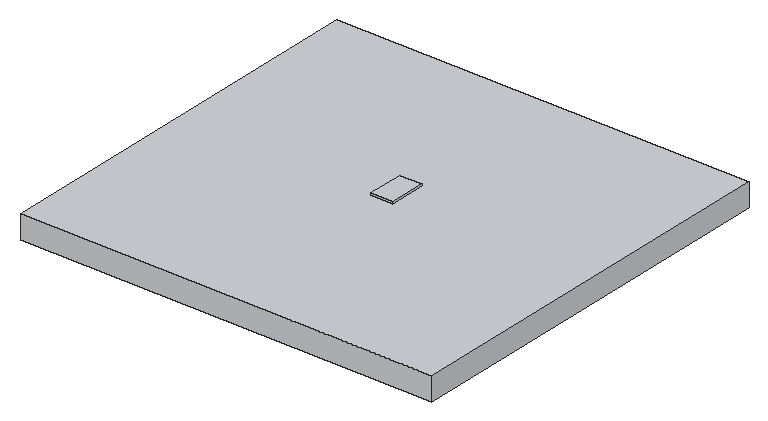
Revit family "M_Recipiente limpo", category Iluminação elétrica, Revit 2019
Family settings
  Hospedeiro = Face
  Manter orientação da anotação = Sim
  Cota do conector redondo = Utilizar diâmetro
  Tipo de parte = Normal
  Número OmniClass = 23.80.50.11.17
  Título OmniClass = Ground Fault Receptacles
  ID de item do Seek = Clean Receptacle-0000-CAN-ENU
  Corte com vazios quando carregada = Não
  Compartilhado = Não
  Ponto de cálculo do ambiente = Não
Parameters (values of type "Padrão")
  Voltagem do interruptor = 120 V
  Classificação de carga = Receptáculo
  Carga = 180 VA
  Elevação-padrão = 460 mm
  Assembly Code = ""
Types (3, lengths in mm): name | Elevação-padrão
  Padrão | 460
  Limpeza F | 457
  Limpeza FD | 457
Reference planes
  plane 1 "Centro (Frente/Trás)": y = 0
  plane 2: z = 0
  plane 3 "Centro (Esquerda/Direita)": x = 0
  plane 4: x = -34.925
  plane 5: x = 34.925
  plane 6: x = -19.05
  plane 7: x = 19.05
  plane 8: y = 57.15
  plane 9: y = -57.15
  plane 10: y = 38.1
  plane 11: y = -38.1
  plane 12 "nível acima": z = 4.762
  plane 13 "nível abaixo": z = -53.975
Forms (mm)
  Extrusion 1, solid
    sketch origin (0, 0, 0) x (1, 0, 0) y (0, 1, 0)
      loop
        line (-644.525, 571.5) -> (-644.525, -666.75) -> (644.525, -666.75) -> (644.525, 571.5) -> (-644.525, 571.5)
    from 0 to -72.672
  Extrusion 2, solid
    sketch origin (0, 0, 0) x (1, 0, 0) y (0, 1, 0)
      loop
        line (-34.925, 57.15) -> (-34.925, -57.15) -> (34.925, -57.15) -> (34.925, 57.15) -> (-34.925, 57.15)
    from 0 to 4.762
  Extrusion 3, solid
    sketch origin (0, 0, 0) x (1, 0, 0) y (0, 1, 0)
      loop
        line (-19.05, 38.1) -> (-19.05, -38.1) -> (19.05, -38.1) -> (19.05, 38.1) -> (-19.05, 38.1)
    from 0 to -53.975
Lines and regions (mm)
  symbolic lines, detail levels fine
    curve 1: line (34.925, 0, 0) -> (-34.925, 0, 0)
    curve 2: line (34.925, 0, 4.762) -> (34.925, 0, 0)
    curve 3: line (-34.925, 0, 4.762) -> (34.925, 0, 4.762)
    curve 4: line (-34.925, 0, 0) -> (-34.925, 0, 4.762)
    curve 5: line (19.05, 0, -53.975) -> (-19.05, 0, -53.975)
    curve 6: line (19.05, 0, 0) -> (19.05, 0, -53.975)
    curve 7: line (-19.05, 0, -53.975) -> (-19.05, 0, 0)
Dimensions and locks
  equal spacing: plane 6, plane 3 "Centro (Esquerda/Direita)", plane 7, locked at 19.05 each
  locked: plane 6 to plane 7 at 38.1
  equal spacing: plane 4, plane 3 "Centro (Esquerda/Direita)", plane 5, locked at 34.925 each
  locked: plane 4 to plane 5 at 69.85
  locked: plane 8 to plane 9 at 114.3
  locked: plane 12 "nível acima" to level at 4.763
  locked: level to plane 13 "nível abaixo" at 53.975
  locked: plane 10 to plane 11 at 76.2
  equal spacing: plane 10, plane 1 "Centro (Frente/Trás)", plane 11, locked at 38.1 each
  equal spacing: plane 8, plane 1 "Centro (Frente/Trás)", plane 9, locked at 57.15 each
  aligned and locked: plane 2 to Extrusion 1
  aligned and locked: level to Extrusion 1
  aligned and locked: plane 8 to Extrusion 2
  aligned and locked: Extrusion 2 to plane 9
  aligned and locked: plane 5 to Extrusion 2
  aligned and locked: Extrusion 2 to plane 4
  aligned and locked: Extrusion 2 to level
  aligned and locked: plane 12 "nível acima" to Extrusion 2
  aligned and locked: plane 10 to Extrusion 3
  aligned and locked: Extrusion 3 to plane 6
  aligned and locked: plane 7 to Extrusion 3
  aligned and locked: Extrusion 3 to plane 11
  aligned and locked: Extrusion 3 to level
  aligned and locked: Extrusion 3 to plane 13 "nível abaixo"
  aligned and locked: curve 4 to plane 4
  aligned and locked: plane 5 to curve 2
  aligned and locked: curve 3 to plane 12 "nível acima"
  aligned and locked: plane 2 to curve 1
  aligned and locked: curve 7 to plane 6
  aligned and locked: plane 7 to curve 6
  aligned and locked: plane 13 "nível abaixo" to curve 5
  aligned and locked: plane 1 "Centro (Frente/Trás)" to nested 1
  aligned and locked: plane 3 "Centro (Esquerda/Direita)" to nested 1
Automatic sketch dimensions
  Extrusion 2 sketch curve to plane 4 = 0 mm
  Extrusion 2 sketch curve to plane 5 = 0 mm
  Extrusion 2 sketch curve to plane 9 = 0 mm
  Extrusion 2 sketch curve to plane 8 = 0 mm
  Extrusion 3 sketch curve to plane 6 = 0 mm
  Extrusion 3 sketch curve to plane 7 = 0 mm
  Extrusion 3 sketch curve to plane 11 = 0 mm
  Extrusion 3 sketch curve to plane 10 = 0 mm
  Extrusion 1 sketch curve to Extrusion 1 sketch curve = 1289.05 mm
  Extrusion 1 sketch curve to Extrusion 1 sketch curve = 1238.25 mm
Nested families
  nested 1: "M_Anotação do recipiente limpo" at (0, 0, 0), type "Anotação de recipiente limpo", detail levels coarse+medium
Connectors
  electrical at (0, 38.1, -26.988), driven by "Voltagem do interruptor", driven by "Carga", driven by "Classificação de carga"
    settings: on Extrusion 3, index 1, voltage 120 V, apparent load 0 VA, apparent load phase1 180 VA, apparent load phase2 0 VA, apparent load phase3 0 VA, power factor 1, load classification "Receptáculo", number of poles 1, system type 31, power factor state 1, is connector primary yes, connector utility no, sub classification motor no, connector description ""
Definition of nested family "M_Anotação do recipiente limpo"
  Parameters
    Anotação de legenda = ""
  Reference planes
    plane 1: y = 0
    plane 2: x = 0
  Lines and regions (mm)
    Filled region 1, type "Região preenchida 1"
      outline origin (0, 0, 0) x (1, 0, 0) y (0, 1, 0)
        loop
          arc (0, 4.763) -> (-1.588, 3.175) -> (0, 1.588) r 1.588
          line (0, 1.588) -> (0, 4.763)
    reference lines
      curve 1: line (-14.331, 3.175, 0) -> (15.536, 3.175, 0)
    detail lines
      curve 2: circle (0, 3.175, 0) r 1.588 normal (0, 0, 1)
      curve 3: line (0, 4.763, 0) -> (0, 0, 0)
  Text (mm)
    label "F" at (1.531, 5.797, 0), shows "Anotação de legenda"
  Dimensions and locks
    locked: plane 1 to curve 1 at 3.175
    radius of curve 2 = 1.588 mm
    aligned and locked: curve 1 to curve 2
    aligned and locked: plane 2 to curve 2
    aligned and locked: plane 1 to curve 3
    aligned and locked: curve 3 to plane 2
